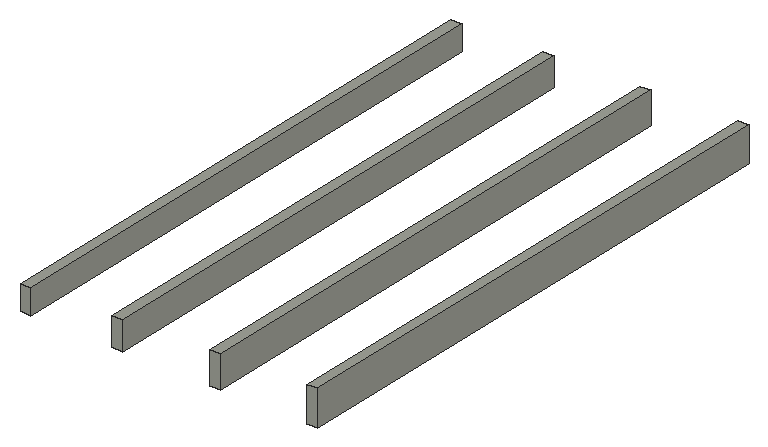
Revit family "CT_Bl_I_Lj_Nervurada_Vigas", category Structural Framing, Revit 2025
Family settings
  Section Shape = Not Defined
  Material for Model Behavior = Other
  Always export as geometry = No
  OmniClass Number = 23.25.30.11.14.14
  OmniClass Title = Beams
  Always vertical = Yes
  Cut with Voids When Loaded = No
  Symbolic Representation = From Family
  Shared = No
  Show family pre-cut in plan views = Yes
Parameters (values of type "LAJ_CON_NER_COB")
  Structural Material [instance] = (empty or 0)
  Material_Lajes = CT_Concreto
  Length [instance] = 3.000 m
  Comp [instance] = 15.000 m
Reference planes (m)
  plane 1 "Center (Front/Back)": y = 0
  plane 2 "Center Elevation": z = 0
  plane 3 "Center (Left/Right)": x = 0
  plane 4 "Left": x = -1.5
  plane 5 "Right": x = 1.5
Forms (m)
  Extrusion 1, solid, material "CT_Concreto" <- "Material_Lajes"
    sketch origin (0, 0, 0) x (1, 0, 0) y (0, 0, 1)
      loop
        line (-6.635714, 0.79188) -> (-6.935714, 0.781138) -> (-6.935714, 0) -> (-6.635714, 0) -> (-6.635714, 0.79188)
      loop
        line (-9.2, 0.700064) -> (-9.5, 0.689322) -> (-9.5, 0) -> (-9.2, 0) -> (-9.2, 0.700064)
      loop
        line (-1.207143, 0.986254) -> (-1.507143, 0.975512) -> (-1.507143, 0) -> (-1.207143, 0) -> (-1.207143, 0.986254)
      loop
        line (-3.921429, 0.889067) -> (-4.221429, 0.878325) -> (-4.221429, 0) -> (-3.921429, 0) -> (-3.921429, 0.889067)
    from 0 to 15
Dimensions and locks (m)
  "Length": plane 4 "Left" to plane 5 "Right"
  "Comp": Extrusion 1 to Extrusion 1
  aligned and locked: level to plane 2 "Center Elevation"
  aligned and locked: plane 2 "Center Elevation" to Extrusion 1
  aligned and locked: Extrusion 1 to plane 2 "Center Elevation"
Automatic sketch dimensions
  Extrusion 1 sketch curve to level = 0.000 m  (x4)
  level to Extrusion 1 sketch curve = 0.689322 m
  Extrusion 1 sketch curve to Extrusion 1 sketch curve = 0.010742 m  (x4)
  Extrusion 1 sketch curve to plane 4 "Left" = 0.292857 m
  plane 4 "Left" to Extrusion 1 sketch curve = 0.007143 m
  level to Extrusion 1 sketch curve = 0.781138 m
  level to Extrusion 1 sketch curve = 0.878325 m
  Extrusion 1 sketch curve to Extrusion 1 sketch curve = 2.264286 m
  Extrusion 1 sketch curve to Extrusion 1 sketch curve = 0.300 m  (x3)
  Extrusion 1 sketch curve to Extrusion 1 sketch curve = 2.414286 m  (x2)
  level to Extrusion 1 sketch curve = 0.975512 m
